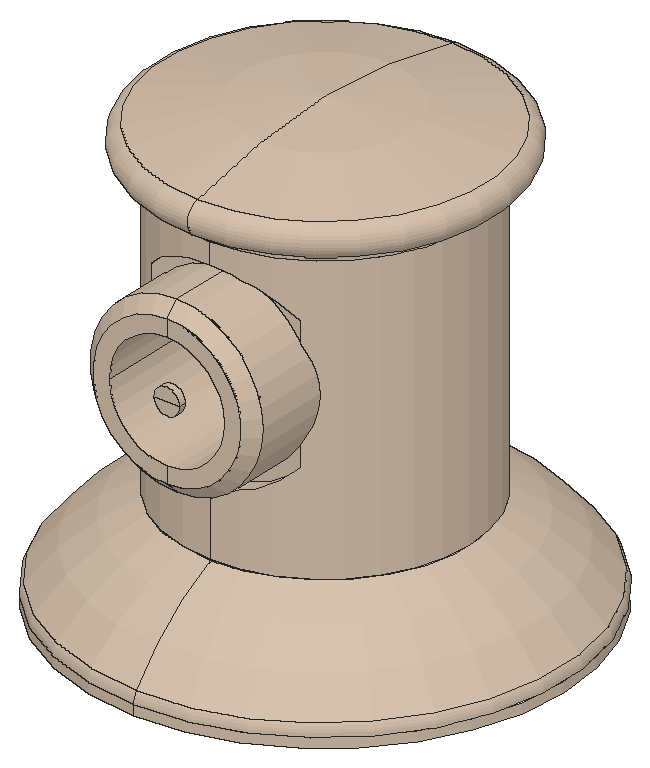
Revit family "Shower-Wall_Supply_Elbow-K-16381IN-1", category Plumbing Fixtures, host Face, Revit 2021
Family settings
  Host = Face
  Round Connector Dimension = Use Diameter
  Part Type = Normal
  OmniClass Number = 23.31.17.00
  OmniClass Title = Showers
  Cut with Voids When Loaded = No
  Shared = No
  Room Calculation Point = No
Parameters (values of type "AF-Vibrant French Gold")
  Width = 2.28346"  # constant formula
  WaterSense Certified = 1 = 0  # no
  Waste Water Outlet = "Waste Water Outlet"  # constant formula
  Waste Connection = 1 = 0  # no
  Vent Connection = 1 = 0  # no
  URL = "https://www.kohler.co.in/"
  Type = 2
  Tempered Water Inlet = "Tempered Water Inlet"  # constant formula
  Product Page URL = "https://www.kohler.co.in/p/shower-fittings/wall-supply-elbow-16381in?skuId=16381IN-AF"
  Product Name = ""
  Product Documentation Link = "http://resources.kohler.com/plumbing/kohlerindia/pdf/16381.pdf"
  Pressure = 0.00 psi
  Model = if(Type = 1, "K-16381IN-BN", if(Type = 2, "K-16381IN-AF", if(Type = 3, "K-16381IN-BV", if(Type = 4, "K-16381IN-CP", if(Type = 5, "K-16381IN-BRD", if(Type = 6, "K-1681IN-RGD", "NA"))))))  # "K-16381IN-AF"
  Material = "Solid Brass Construction"  # constant formula
  Master Format 2014 Name = "Residential Showers"  # constant formula
  Master Format 2014 = "22 42 23"  # constant formula
  Manufacturer Address = "Ambience Office Tower NH-8 Gurgaon / Gurugram Haryana , 122001"  # constant formula
  Manufacturer = "Kohler Co."  # constant formula
  Length = 1.25984"  # constant formula
  Hot Water Inlet = "Hot Water Inlet"  # constant formula
  Height = 2.28346"  # constant formula
  HW Connection = 1 = 1  # yes
  Flow Rate = 0 GPM
  Finish = Kohler-Metal-AF-Vibrant_French_Gold
  Environmental Product Declaration = ""
  Drain Included = 1 = 0  # no
  Description = "Wall Supply Elbow"  # constant formula
  Default Elevation = 36"
  Declare Label = ""
  Date Modified = "08/18/2024"  # constant formula
  Date Created = "09/02/2020"  # constant formula
  Copyright = "Copyright Kohler Co."  # constant formula
  Contact Us = "https://www.kohler.co.in/contact-us"
  Cold Water Inlet = "Cold Water Inlet"  # constant formula
  CW Connection = 1 = 0  # no
  Assembly Code = "D2010700"
  ADA Compliant = 1 = 0  # no
Types (7): name | Type | Product Page URL | Model | Finish
  (no name) | 2 | "https://www.kohler.co.in/p/shower-fittings/wall-supply-elbow-16381in?skuId=16381IN-AF" | "K-16381IN-AF" | Kohler-Metal-AF-Vibrant_French_Gold
  BN-Vibrant Brushed Nickel | 1 | "" | "K-16381IN-BN" | Kohler-Metal-BN-Vibrant_Brushed_Nickel
  AF-Vibrant French Gold | 2 | "https://www.kohler.co.in/p/shower-fittings/wall-supply-elbow-16381in?skuId=16381IN-AF" | "K-16381IN-AF" | Kohler-Metal-AF-Vibrant_French_Gold
  BV-Brushed Bronze | 3 | "https://www.kohler.co.in/p/shower-fittings/wall-supply-elbow-16381in?skuId=16381IN-BV" | "K-16381IN-BV" | Kohler-Metal-BV-Brushed_Bronze
  CP-Polished Chrome | 4 | "https://www.kohler.co.in/p/shower-fittings/wall-supply-elbow-16381in?skuId=16381IN-CP" | "K-16381IN-CP" | Kohler-Metal-CP-Polished_Chrome
  BRD-Brushed Rose Gold | 5 | "" | "K-16381IN-BRD" | KOHLER-Metal-BRD-Brushed_Rose_Gold
  RGD-Polished Rose Gold | 6 | "https://www.kohler.co.in/p/shower-fittings/wall-supply-elbow-16381in?skuId=16381IN-RGD" | "K-1681IN-RGD" | Kohler-Metal-AF-Vibrant_French_Gold
Reference planes (in)
  plane 1 "Center (Front/Back)": y = 0
  plane 2: z = 0
  plane 3 "Center (Left/Right)": x = 0
  plane 4: x = 1.14173
  plane 5: x = -1.14173
  plane 6: z = 2.15354
  plane 7: z = 1.25984
  plane 8: y = 1.14173
  plane 9: y = -1.14173
  plane 10: y = -0.94488
  plane 11: y = 0.68898
  plane 12: y = -0.68898
Dimensions and locks (in)
  "Height": plane 8 to plane 9
  "Length": level to plane 7
  "Width": plane 5 to plane 4
  plane 6 to level = 2.15354"
  plane 5 to plane 4 = 2.28346"
  plane 11 to plane 12 = 1.37795"
  aligned and locked: plane 2 to host face
  aligned and locked: level to host face
  aligned and locked: plane 3 "Center (Left/Right)" to nested 1
  aligned and locked: plane 1 "Center (Front/Back)" to nested 1
  aligned and locked: plane 4 to nested 1
  aligned and locked: plane 5 to nested 1
  aligned and locked: plane 6 to nested 1
  aligned and locked: plane 7 to nested 1
  aligned and locked: plane 8 to nested 1
  aligned and locked: plane 9 to nested 1
  aligned and locked: plane 10 to nested 1
Automatic sketch dimensions
  host sketch curve to host sketch curve = 96"  (x2)
Nested families (in)
  nested 1: "K-16381IN" at (0, 0, 0), type "K-16381IN"
Connectors (in)
  piping at (0, 0, 0), diameter 0.5, driven by "Flow Rate", driven by "HW Connection", driven by "Tempered Water Inlet"
    settings: on nested 1, index 1, connector inside diameter 24", connector length 0", flow factor 0, pipe flow 0 GPM, pressure drop 0.00 psi, fitting loss kfactor 0, connector angle 0.00°, fixture units 0, engagement length 0", angle of deflection 0.00°, flow configuration 0, flow direction 1, fitting loss method 0, system type 19, joint type 0, gender type 0, connector reference index -1, connector utility 1, adjustable connector no, is connector primary yes, connector description "Tempered Water Inlet"
  piping at (0, -0.94488, 1.25984), diameter 0.5, driven by "HW Connection", driven by "Hot Water Inlet"
    settings: on nested 1, index 2, connector inside diameter 24", connector length 0", flow factor 0, pipe flow 0 GPM, pressure drop 0.00 psi, fitting loss kfactor 0, connector angle 0.00°, fixture units 0, engagement length 0", angle of deflection 0.00°, flow configuration 0, flow direction 2, fitting loss method 0, system type 19, joint type 0, gender type 0, connector reference index -1, connector utility 1, adjustable connector no, is connector primary no, connector description "Hot Water Inlet"
Definition of nested family "K-16381IN"
  Parameters
    Material = none
    Default Elevation = 0"
  Reference planes (in)
    plane 1 "Center (Front/Back)": y = 0
    plane 2: z = 0
    plane 3 "Center (Left/Right)": x = 0
    plane 4: x = -1.14173
    plane 5: x = 1.14173
    plane 6: z = 2.15354
    plane 7: z = 1.25984
    plane 8: y = -0.94488
    plane 9: y = 1.14173
    plane 10: y = -1.14173
    plane 11: y = 0.68898
    plane 12: y = -0.68898
    plane 13: x = -0.68898
    plane 14: x = 0.68898
  Forms (in)
    Revolve 1, solid, material <- "Material", detail levels medium+fine
      sketch origin (0, 0, 0) x (0, 1, 0) y (0, 0, 1)
        loop
          line (0, 0) -> (1.14173, 0) -> (1.14173, 0.048)
          arc (1.14173, 0.048) -> (1.1385, 0.07599) -> (1.12594, 0.1012) r 0.08164
          arc (1.12594, 0.1012) -> (0.92795, 0.31033) -> (0.68505, 0.46503) r 1.17548
          arc (0.68505, 0.46503) -> (0.67, 0.47036) -> (0.65417, 0.47244) r 0.07657
          line (0.65417, 0.47244) -> (0.68898, 0.47244) -> (0.68898, 1.83208)
          arc (0.68898, 1.83208) -> (0.70553, 1.87284) -> (0.74582, 1.89051) r 0.05846
          arc (0.74582, 1.89051) -> (0.82157, 1.9596) -> (0.76435, 2.04467) r 0.07849
          arc (0.76435, 2.04467) -> (0.3856, 2.12313) -> (0, 2.15354) r 3.08308
          line (0, 2.15354) -> (0, 0)
        axis (0, 2.15354) -> (0, 0)
      angle from 0 to 360
    Extrusion 2, solid, material <- "Material", detail levels medium+fine
      sketch origin (0, 0, 0) x (1, 0, 0) y (0, 1, 0)
        loop
          circle (0, 0) r 0.3937
      from 0 to 0.06688
    Extrusion 3, void
      sketch origin (0, 0, 0) x (1, 0, 0) y (0, 0, 1)
        loop
          circle (0, 1.25984) r 0.47307
      from 0.59055 to 1.04821
    Revolve 4, solid, material <- "Material", detail levels medium+fine
      sketch origin (0, 0, 0) x (0, 1, 0) y (0, 0, 1)
        loop
          line (-0.30303, 1.67359) -> (-0.88505, 1.67359) -> (-0.94488, 1.61376) -> (-0.94488, 1.25984) -> (-0.30303, 1.25984) -> (-0.30303, 1.67359)
        axis (-0.30303, 1.25984) -> (-0.94488, 1.25984)
      angle from 0 to 360
    Extrusion 5, void
      sketch origin (0, 0, 0) x (1, 0, 0) y (0, 0, 1)
        loop
          circle (0, 1.25984) r 0.27587
      from 0.30367 to 1.40025
    Revolve 6, solid, material <- "Material", detail levels coarse
      sketch origin (0, 0, 0) x (0, 1, 0) y (0, 0, 1)
        loop
          line (0.84447, 2.15354) -> (0, 2.15354) -> (0, 0.06688) -> (0.84447, 0.06688) -> (0.84447, 2.15354)
        axis (0, 2.15354) -> (0, 0.06688)
      angle from 0 to 360
    Revolve 7, solid, material <- "Material", detail levels coarse
      sketch origin (0, 0, 0) x (0, 1, 0) y (0, 0, 1)
        loop
          line (1.14173, 0.47244) -> (0, 0.47244) -> (0, 0) -> (1.14173, 0) -> (1.14173, 0.47244)
        axis (0, 0.47244) -> (0, 0)
      angle from 0 to 360
    Revolve 8, solid, material <- "Material", detail levels coarse
      sketch origin (0, 0, 0) x (0, 1, 0) y (0, 0, 1)
        loop
          line (-0.2834, 1.67359) -> (-1.01155, 1.67359) -> (-1.01155, 1.25984) -> (-0.2834, 1.25984) -> (-0.2834, 1.67359)
        axis (-0.2834, 1.25984) -> (-1.01155, 1.25984)
      angle from 0 to 360
    Revolve 9, solid, material <- "Material"
      sketch origin (0, 0, 1.25984) x (1, 0, 0) y (0, 1, 0)
        loop
          line (0, -0.91356) -> (0, -0.94488) -> (0.0616, -0.94488) -> (0.0616, -0.91356) -> (0, -0.91356)
        axis (0, -0.91356) -> (0, -0.95293)
      angle from 0 to 360
  Cuts and joins
    Extrusion 3, Extrusion 5 cuts Revolve 1
    Extrusion 5 cuts Revolve 4
    joined: Revolve 1, Revolve 4
    joined: Revolve 6, Revolve 7, Revolve 8
  Lines and regions (in)
    Masking region 1
      outline origin (0, 0, 0) x (1, 0, 0) y (0, 0, 1)
        loop
          line (0, 0) -> (1.14173, 0) -> (1.14173, 0.048)
          arc (1.14173, 0.048) -> (1.1385, 0.07599) -> (1.12594, 0.1012) r 0.08164
          arc (1.12594, 0.1012) -> (0.92795, 0.31033) -> (0.68505, 0.46503) r 1.17548
          arc (0.68505, 0.46503) -> (0.67, 0.47036) -> (0.65417, 0.47244) r 0.07657
          line (0.65417, 0.47244) -> (0.68898, 0.47244) -> (0.68898, 1.83208)
          arc (0.68898, 1.83208) -> (0.70553, 1.87284) -> (0.74582, 1.89051) r 0.05846
          arc (0.74582, 1.89051) -> (0.82157, 1.9596) -> (0.76435, 2.04467) r 0.07849
          arc (0.76435, 2.04467) -> (0.3856, 2.12313) -> (0, 2.15354) r 3.08308
          arc (0, 2.15354) -> (-0.3856, 2.12313) -> (-0.76435, 2.04467) r 3.08308
          arc (-0.76435, 2.04467) -> (-0.82157, 1.9596) -> (-0.74582, 1.89051) r 0.07849
          arc (-0.74582, 1.89051) -> (-0.70553, 1.87284) -> (-0.68898, 1.83208) r 0.05846
          line (-0.68898, 1.83208) -> (-0.68898, 0.47244) -> (-0.65417, 0.47244)
          arc (-0.65417, 0.47244) -> (-0.67, 0.47036) -> (-0.68505, 0.46503) r 0.07657
          arc (-0.68505, 0.46503) -> (-0.92795, 0.31033) -> (-1.12594, 0.1012) r 1.17548
          arc (-1.12594, 0.1012) -> (-1.1385, 0.07599) -> (-1.14173, 0.048) r 0.08164
          line (-1.14173, 0.048) -> (-1.14173, 0) -> (0, 0)
    Masking region 2
      outline origin (0, 0, 0) x (0, 1, 0) y (0, 0, 1)
        loop
          line (0, 0) -> (1.14173, 0) -> (1.14173, 0.048)
          arc (1.14173, 0.048) -> (1.1385, 0.07599) -> (1.12594, 0.1012) r 0.08164
          arc (1.12594, 0.1012) -> (0.92795, 0.31033) -> (0.68505, 0.46503) r 1.17548
          arc (0.68505, 0.46503) -> (0.67, 0.47036) -> (0.65417, 0.47244) r 0.07657
          line (0.65417, 0.47244) -> (0.68898, 0.47244) -> (0.68898, 1.83208)
          arc (0.68898, 1.83208) -> (0.70553, 1.87284) -> (0.74582, 1.89051) r 0.05846
          arc (0.74582, 1.89051) -> (0.82157, 1.9596) -> (0.76435, 2.04467) r 0.07849
          arc (0.76435, 2.04467) -> (0.3856, 2.12313) -> (0, 2.15354) r 3.08308
          arc (0, 2.15354) -> (-0.3856, 2.12313) -> (-0.76435, 2.04467) r 3.08308
          arc (-0.76435, 2.04467) -> (-0.82157, 1.9596) -> (-0.74582, 1.89051) r 0.07849
          arc (-0.74582, 1.89051) -> (-0.70553, 1.87284) -> (-0.68898, 1.83208) r 0.05846
          line (-0.68898, 1.83208) -> (-0.68898, 1.73291) -> (-0.65046, 1.67359) -> (-0.88505, 1.67359) -> (-0.94488, 1.61376) -> (-0.94488, 0.90593) -> (-0.88505, 0.84609) -> (-0.65046, 0.84609) -> (-0.68898, 0.78678) -> (-0.68898, 0.47244) -> (-0.65417, 0.47244)
          arc (-0.65417, 0.47244) -> (-0.67, 0.47036) -> (-0.68505, 0.46503) r 0.07657
          arc (-0.68505, 0.46503) -> (-0.92795, 0.31033) -> (-1.12594, 0.1012) r 1.17548
          arc (-1.12594, 0.1012) -> (-1.1385, 0.07599) -> (-1.14173, 0.048) r 0.08164
          line (-1.14173, 0.048) -> (-1.14173, 0) -> (0, 0)
    Masking region 3
      outline origin (0, 0, 0) x (1, 0, 0) y (0, 1, 0)
        loop
          circle (0, 0) r 1.14173
    symbolic lines, detail levels medium+fine
      curve 1: line (0.74582, 0, 1.89051) -> (-0.74582, 0, 1.89051)
      curve 2: line (0.65417, 0, 0.47244) -> (-0.65417, 0, 0.47244)
      curve 3: line (-0.35392, -0.94488, 0) -> (0, -0.94488, 0)
      curve 4: line (0, -0.94488, 0) -> (0.35392, -0.94488, 0)
      curve 5: line (0.35392, -0.94488, 0) -> (0.41375, -0.88505, 0)
      curve 6: line (-0.35392, -0.94488, 0) -> (-0.41375, -0.88505, 0)
      curve 7: line (-0.41375, -0.88505, 0) -> (-0.41375, -0.70819, 0)
      curve 8: line (0.41375, -0.88505, 0) -> (0.41375, -0.70819, 0)
      curve 9: arc (0.41375, -0.70819, 0) -> (0, 0.8202, 0) -> (-0.41375, -0.70819, 0) r 0.8202
      curve 10: line (-0.41375, -0.88505, 0) -> (0.41375, -0.88505, 0)
      curve 11: line (-0.41375, -0.84568, 0) -> (0.41375, -0.84568, 0)
      curve 12: line (-0.41375, -0.80631, 0) -> (-0.15032, -0.80631, 0)
      curve 13: line (-0.41375, -0.84568, 0) -> (0.41375, -0.84568, 0)
      curve 14: line (-0.41375, -0.76694, 0) -> (-0.29075, -0.76694, 0)
      curve 15: arc (-0.41375, -0.70819, 0) -> (-0.35347, -0.74013, 0) -> (-0.29075, -0.76694, 0) r 0.8202
      curve 16: line (0.29075, -0.76694, 0) -> (0.41375, -0.76694, 0)
      curve 17: line (0.15032, -0.80631, 0) -> (0.41375, -0.80631, 0)
      curve 18: line (0, -0.68926, 1.73336) -> (0, -0.59055, 1.73336)
      curve 19: line (0, -0.59055, 1.73336) -> (0, -0.59055, 0.78678)
      curve 20: line (0, -0.59055, 0.78678) -> (0, -0.68898, 0.78678)
      curve 21: line (0, -0.64883, 0.84609) -> (0, -0.59055, 0.84609)
      curve 22: line (0, -0.64883, 1.67359) -> (0, -0.59055, 1.67359)
      curve 23: line (0, 0.74582, 1.89051) -> (0, -0.74582, 1.89051)
      curve 24: line (0, 0.65417, 0.47244) -> (0, -0.65417, 0.47244)
      curve 25: line (0, -0.88505, 1.67359) -> (0, -0.88505, 0.84609)
      curve 26: line (0, -0.82599, 1.67359) -> (0, -0.82599, 0.84609)
      curve 27: line (0, -0.76694, 1.67359) -> (0, -0.76694, 0.84609)
      curve 28: line (0, -0.70788, 1.67359) -> (0, -0.70788, 0.84609)
      curve 29: line (0, -0.64883, 1.67359) -> (0, -0.64883, 0.84609)
      curve 30: arc (-0.29075, -0.76694, 0) -> (-0.22141, -0.78975, 0) -> (-0.15032, -0.80631, 0) r 0.8202
      curve 31: arc (-0.15032, -0.80631, 0) -> (0, -0.8202, 0) -> (0.15032, -0.80631, 0) r 0.8202
      curve 32: arc (0.15032, -0.80631, 0) -> (0.22141, -0.78975, 0) -> (0.29075, -0.76694, 0) r 0.8202
      curve 33: arc (0.29075, -0.76694, 0) -> (0.35347, -0.74013, 0) -> (0.41375, -0.70819, 0) r 0.8202
  Dimensions and locks (in)
    locked: plane 5 to plane 3 "Center (Left/Right)" at 1.14173
    locked: plane 5 to plane 4 at 2.28346
    locked: plane 6 to level at 2.15354
    locked: plane 7 to level at 1.25984
    locked: plane 1 "Center (Front/Back)" to plane 8 at 0.94488
    locked: plane 1 "Center (Front/Back)" to plane 10 at 1.14173
    locked: plane 9 to plane 10 at 2.28346
    aligned and locked: plane 2 to level
